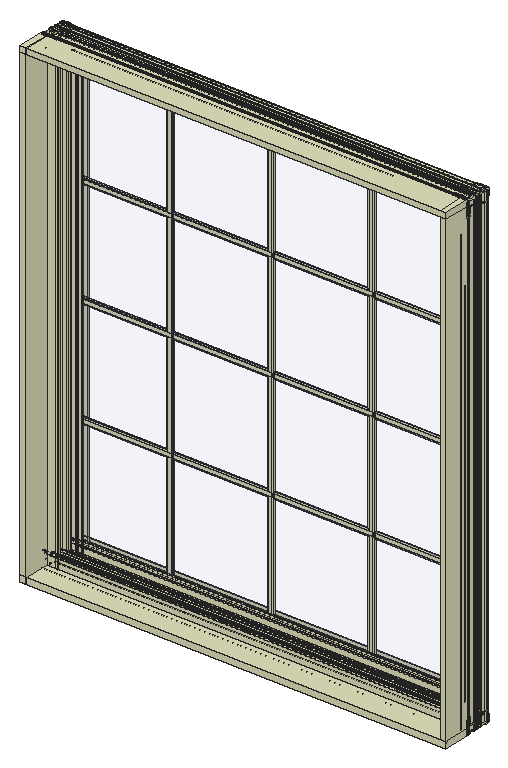
Revit family (continued)
Forms (in)
  Sweep 9, solid, material "Pella-Exterior Clad-Tan" <- "Exterior Finish"
    profile origin (-22.5, 2.95276, 58.45893) x (0, -1, 0) y (1, 0, 0)
      loop
        line (0.16015, 1.12012) -> (0.16015, 0.26375)
        arc (0.16015, 0.26375) -> (0.18948, 0.19295) -> (0.26028, 0.16363) r 0.10012
        line (0.26028, 0.16363) -> (0.99538, 0.16363) -> (1.0263, 0.13271) -> (1.08838, 0.13271)
        arc (1.08838, 0.13271) -> (1.10252, 0.13857) -> (1.10838, 0.15271) r 0.02
        line (1.10838, 0.15271) -> (1.10838, 1.14033)
        arc (1.10838, 1.14033) -> (1.10009, 1.19354) -> (1.07602, 1.24171) r 0.175
      loop
        arc (0.36369, 0.8973) -> (0.33081, 0.87685) -> (0.29275, 0.86971) r 0.105
        line (0.29275, 0.86971) -> (0.26038, 0.86971)
        arc (0.26038, 0.86971) -> (0.22856, 0.85653) -> (0.21538, 0.82471) r 0.045
        line (0.21538, 0.82471) -> (0.21538, 0.26371)
        arc (0.21538, 0.26371) -> (0.22856, 0.23189) -> (0.26038, 0.21871) r 0.045
        line (0.26038, 0.21871) -> (1.00838, 0.21871)
        arc (1.00838, 0.21871) -> (1.0402, 0.23189) -> (1.05338, 0.26371) r 0.045
        line (1.05338, 0.26371) -> (1.05338, 1.10471)
        arc (1.05338, 1.10471) -> (1.0402, 1.13653) -> (1.00838, 1.14971) r 0.045
        line (1.00838, 1.14971) -> (0.4547, 1.14971)
        arc (0.4547, 1.14971) -> (0.4243, 1.13789) -> (0.40987, 1.10863) r 0.045
        line (0.40987, 1.10863) -> (0.39736, 0.96556)
        arc (0.39736, 0.96556) -> (0.38693, 0.92827) -> (0.36369, 0.8973) r 0.105
  Sweep 10, solid, material "Pella-Exterior Clad-Tan" <- "Exterior Finish"
    path origin (0, 2.95276, 0) x (1, 0, 0) y (0, 0, 1)
      loop
        line (22.5, 32.75) -> (-22.5, 32.75)
    profile origin (0, 2.95276, 32.75) x (0, 0, -1) y (0, -1, 0)
      loop
        arc (-1.16584, 0.22529) -> (-1.1383, 0.24955) -> (-1.10836, 0.22831) r 0.02957
        line (-1.10836, 0.22831) -> (-0.96796, 0.29378)
        arc (-0.96796, 0.29378) -> (-0.95487, 0.32512) -> (-0.98486, 0.34107) r 0.02522
        line (-0.98486, 0.34107) -> (-1.0968, 0.28886)
        arc (-1.0968, 0.28886) -> (-1.17828, 0.28791) -> (-1.21625, 0.21581) r 0.07961
        line (-1.21625, 0.21581) -> (-1.71765, 0.21581)
        arc (-1.71765, 0.21581) -> (-1.73793, 0.23008) -> (-1.76245, 0.23373) r 0.05376
        arc (-1.76245, 0.23373) -> (-1.77651, 0.22791) -> (-1.78234, 0.21384) r 0.01989
        arc (-1.78234, 0.21384) -> (-1.77787, 0.18303) -> (-1.75189, 0.16586) r 0.03806
        line (-1.75189, 0.16586) -> (-1.23505, 0.16586)
        arc (-1.23505, 0.16586) -> (-1.18944, 0.18275) -> (-1.16584, 0.22529) r 0.07001
  Sweep 11, solid, material "Pella-Exterior Clad-Tan" <- "Exterior Finish"
    path origin (0, 2.95276, 0) x (1, 0, 0) y (0, 0, 1)
      loop
        line (22.5, 83.75) -> (-22.5, 83.75)
    profile origin (0, 2.95276, 83.75) x (0, 0, -1) y (0, -1, 0)
      loop
        arc (1.16584, 0.22529) -> (1.18944, 0.18275) -> (1.23505, 0.16586) r 0.07001
        line (1.23505, 0.16586) -> (1.75189, 0.16586)
        arc (1.75189, 0.16586) -> (1.77787, 0.18303) -> (1.78234, 0.21384) r 0.03806
        arc (1.78234, 0.21384) -> (1.77651, 0.22791) -> (1.76245, 0.23373) r 0.01989
        arc (1.76245, 0.23373) -> (1.73793, 0.23008) -> (1.71765, 0.21581) r 0.05376
        line (1.71765, 0.21581) -> (1.21625, 0.21581)
        arc (1.21625, 0.21581) -> (1.17828, 0.28791) -> (1.0968, 0.28886) r 0.07961
        line (1.0968, 0.28886) -> (0.98486, 0.34107)
        arc (0.98486, 0.34107) -> (0.95487, 0.32512) -> (0.96796, 0.29378) r 0.02522
        line (0.96796, 0.29378) -> (1.10836, 0.22831)
        arc (1.10836, 0.22831) -> (1.1383, 0.24955) -> (1.16584, 0.22529) r 0.02957
  Sweep 12, solid, material "Pella-Exterior Clad-Tan" <- "Exterior Finish"
    path origin (0, 2.95276, 0) x (1, 0, 0) y (0, 0, 1)
      loop
        line (22.5, 83.75) -> (22.5, 32.75)
    profile origin (22.5, 2.95276, 58.25) x (0, -1, 0) y (1, 0, 0)
      loop
        arc (0.22529, -1.16584) -> (0.18275, -1.18944) -> (0.16586, -1.23505) r 0.07001
        line (0.16586, -1.23505) -> (0.16586, -1.75189)
        arc (0.16586, -1.75189) -> (0.18303, -1.77787) -> (0.21384, -1.78234) r 0.03806
        arc (0.21384, -1.78234) -> (0.22791, -1.77651) -> (0.23373, -1.76245) r 0.01989
        arc (0.23373, -1.76245) -> (0.23008, -1.73793) -> (0.21581, -1.71765) r 0.05376
        line (0.21581, -1.71765) -> (0.21581, -1.21625)
        arc (0.21581, -1.21625) -> (0.28791, -1.17828) -> (0.28886, -1.0968) r 0.07961
        line (0.28886, -1.0968) -> (0.34107, -0.98486)
        arc (0.34107, -0.98486) -> (0.32512, -0.95487) -> (0.29378, -0.96796) r 0.02522
        line (0.29378, -0.96796) -> (0.22831, -1.10836)
        arc (0.22831, -1.10836) -> (0.24955, -1.1383) -> (0.22529, -1.16584) r 0.02957
  Sweep 13, solid, material "Pella-Exterior Clad-Tan" <- "Exterior Finish"
    path origin (0, 2.95276, 0) x (1, 0, 0) y (0, 0, 1)
      loop
        line (-22.5, 32.75) -> (-22.5, 83.75)
    profile origin (-22.5, 2.95276, 58.25) x (-1, 0, 0) y (0, -1, 0)
      loop
        arc (-1.16584, 0.22529) -> (-1.1383, 0.24955) -> (-1.10836, 0.22831) r 0.02957
        line (-1.10836, 0.22831) -> (-0.96796, 0.29378)
        arc (-0.96796, 0.29378) -> (-0.95487, 0.32512) -> (-0.98486, 0.34107) r 0.02522
        line (-0.98486, 0.34107) -> (-1.0968, 0.28886)
        arc (-1.0968, 0.28886) -> (-1.17828, 0.28791) -> (-1.21625, 0.21581) r 0.07961
        line (-1.21625, 0.21581) -> (-1.71765, 0.21581)
        arc (-1.71765, 0.21581) -> (-1.73793, 0.23008) -> (-1.76245, 0.23373) r 0.05376
        arc (-1.76245, 0.23373) -> (-1.77651, 0.22791) -> (-1.78234, 0.21384) r 0.01989
        arc (-1.78234, 0.21384) -> (-1.77787, 0.18303) -> (-1.75189, 0.16586) r 0.03806
        line (-1.75189, 0.16586) -> (-1.23505, 0.16586)
        arc (-1.23505, 0.16586) -> (-1.18944, 0.18275) -> (-1.16584, 0.22529) r 0.07001
  Sweep 14, solid, material "Pella-Exterior Clad-Tan" <- "Interior Finish"
    path origin (0, 2.95276, 0) x (1, 0, 0) y (0, 0, 1)
      loop
        line (23.75, 85) -> (23.75, 31.5)
    profile origin (23.75, 2.95276, 58.25) x (0, -1, 0) y (1, 0, 0)
      loop
        line (2.99998, 0) -> (2.99998, -0.625) -> (5.90551, -0.625) -> (5.90551, 0) -> (2.99998, 0)
  Sweep 15, solid, material "Pella-Exterior Clad-Tan" <- "Interior Finish"
    path origin (0, 2.95276, 0) x (1, 0, 0) y (0, 0, 1)
      loop
        line (-23.75, 85) -> (-23.75, 31.5)
    profile origin (-23.75, 2.95276, 58.25) x (0, -1, 0) y (1, 0, 0)
      loop
        line (2.99998, 0) -> (5.90551, 0) -> (5.90551, 0.625) -> (2.99998, 0.625) -> (2.99998, 0)
  Sweep 16, solid, material "Pella-Exterior Clad-Tan" <- "Interior Finish"
    path origin (0, 2.95276, 0) x (1, 0, 0) y (0, 0, 1)
      loop
        line (23.75, 31.5) -> (-23.75, 31.5)
    profile origin (0, 2.95276, 31.5) x (0, 0, -1) y (0, -1, 0)
      loop
        line (0, 2.99998) -> (0, 5.90551) -> (-0.625, 5.90551) -> (-0.625, 2.99998) -> (0, 2.99998)
  Sweep 17, solid, material "Pella-Exterior Clad-Tan" <- "Interior Finish"
    path origin (0, 2.95276, 0) x (1, 0, 0) y (0, 0, 1)
      loop
        line (23.75, 85) -> (-23.75, 85)
    profile origin (0, 2.95276, 85) x (0, 0, -1) y (0, -1, 0)
      loop
        line (0, 2.99998) -> (0.625, 2.99998) -> (0.625, 5.90551) -> (0, 5.90551) -> (0, 2.99998)
  Extrusion 18, solid, material "Pella-Argon Filled, Low-E Insulating Glass" <- "Glazing Type"
    sketch origin (0, 2.7192, 0) x (0, 0, -1) y (1, 0, 0)
      loop
        line (-82.45155, 21.20155) -> (-82.45155, -21.20155) -> (-34.04845, -21.20155) -> (-34.04845, 21.20155) -> (-82.45155, 21.20155)
    from 0 to 0.11811
  Extrusion 19, solid, material "Pella-Argon Filled, Low-E Insulating Glass" <- "Glazing Type"
    sketch origin (0, 2.00526, 0) x (0, 0, -1) y (1, 0, 0)
      loop
        line (-34.04845, -21.20155) -> (-34.04845, 21.20155) -> (-82.45155, 21.20155) -> (-82.45155, -21.20155) -> (-34.04845, -21.20155)
    from 0 to -0.11811
  Sweep 20, solid, material "Pella-Exterior Clad-Tan" <- "Grille Finish", visible <- "Vertical Mullion 3"
    path origin (0, 2.95276, 0) x (1, 0, 0) y (0, 0, 1)
      loop
        line (0, 82.53029) -> (0, 33.96971)
    profile origin (0, 2.95276, 58.25) x (0, -1, 0) y (1, 0, 0)
      loop
        line (0.65942, -11.625) -> (0.67625, -11.46555) -> (0.70864, -11.44685) -> (0.70864, -11.05315) -> (0.67625, -11.03445) -> (0.65942, -10.875) -> (0.52163, -10.875) -> (0.50481, -11.03445) -> (0.47242, -11.05315) -> (0.47242, -11.44685) -> (0.50481, -11.46555) -> (0.52163, -11.625) -> (0.65942, -11.625)
      loop
        line (0.65942, 10.875) -> (0.67625, 11.03445) -> (0.70864, 11.05315) -> (0.70864, 11.44685) -> (0.67625, 11.46555) -> (0.65942, 11.625) -> (0.52163, 11.625) -> (0.50481, 11.46555) -> (0.47242, 11.44685) -> (0.47242, 11.05315) -> (0.50481, 11.03445) -> (0.52163, 10.875) -> (0.65942, 10.875)
      loop
        line (0.65942, -0.375) -> (0.67625, -0.21555) -> (0.70864, -0.19685) -> (0.70864, 0.19685) -> (0.67625, 0.21555) -> (0.65942, 0.375) -> (0.52163, 0.375) -> (0.50481, 0.21555) -> (0.47242, 0.19685) -> (0.47242, -0.19685) -> (0.50481, -0.21555) -> (0.52163, -0.375) -> (0.65942, -0.375)
  Sweep 21, solid, material "Pella-Exterior Clad-Tan" <- "Grille Finish", visible <- "Vertical Mullion 4"
    path origin (0, 2.95276, 0) x (1, 0, 0) y (0, 0, 1)
      loop
        line (0, 33.96971) -> (0, 82.53029)
    profile origin (0, 2.95276, 58.25) x (-1, 0, 0) y (0, -1, 0)
      loop
        line (13.875, 0.65942) -> (13.71555, 0.67625) -> (13.69685, 0.70864) -> (13.30315, 0.70864) -> (13.28445, 0.67625) -> (13.125, 0.65942) -> (13.125, 0.52163) -> (13.28445, 0.50481) -> (13.30315, 0.47242) -> (13.69685, 0.47242) -> (13.71555, 0.50481) -> (13.875, 0.52163) -> (13.875, 0.65942)
      loop
        line (4.875, 0.65942) -> (4.71555, 0.67625) -> (4.69685, 0.70864) -> (4.30315, 0.70864) -> (4.28445, 0.67625) -> (4.125, 0.65942) -> (4.125, 0.52163) -> (4.28445, 0.50481) -> (4.30315, 0.47242) -> (4.69685, 0.47242) -> (4.71555, 0.50481) -> (4.875, 0.52163) -> (4.875, 0.65942)
      loop
        line (-4.125, 0.65942) -> (-4.28445, 0.67625) -> (-4.30315, 0.70864) -> (-4.69685, 0.70864) -> (-4.71555, 0.67625) -> (-4.875, 0.65942) -> (-4.875, 0.52163) -> (-4.71555, 0.50481) -> (-4.69685, 0.47242) -> (-4.30315, 0.47242) -> (-4.28445, 0.50481) -> (-4.125, 0.52163) -> (-4.125, 0.65942)
      loop
        line (-13.125, 0.65942) -> (-13.28445, 0.67625) -> (-13.30315, 0.70864) -> (-13.69685, 0.70864) -> (-13.71555, 0.67625) -> (-13.875, 0.65942) -> (-13.875, 0.52163) -> (-13.71555, 0.50481) -> (-13.69685, 0.47242) -> (-13.30315, 0.47242) -> (-13.28445, 0.50481) -> (-13.125, 0.52163) -> (-13.125, 0.65942)
  Sweep 22, solid, material "Pella-Exterior Clad-Tan" <- "Grille Finish", visible <- "Vertical Mullion 5"
    path origin (0, 2.95276, 0) x (1, 0, 0) y (0, 0, 1)
      loop
        line (0, 82.53029) -> (0, 33.96971)
    profile origin (0, 2.95276, 58.25) x (0, -1, 0) y (1, 0, 0)
      loop
        line (0.65942, -15.375) -> (0.67625, -15.21555) -> (0.70864, -15.19685) -> (0.70864, -14.80315) -> (0.67625, -14.78445) -> (0.65942, -14.625) -> (0.52163, -14.625) -> (0.50481, -14.78445) -> (0.47242, -14.80315) -> (0.47242, -15.19685) -> (0.50481, -15.21555) -> (0.52163, -15.375) -> (0.65942, -15.375)
      loop
        line (0.65942, -7.875) -> (0.67625, -7.71555) -> (0.70864, -7.69685) -> (0.70864, -7.30315) -> (0.67625, -7.28445) -> (0.65942, -7.125) -> (0.52163, -7.125) -> (0.50481, -7.28445) -> (0.47242, -7.30315) -> (0.47242, -7.69685) -> (0.50481, -7.71555) -> (0.52163, -7.875) -> (0.65942, -7.875)
      loop
        line (0.65942, -0.375) -> (0.67625, -0.21555) -> (0.70864, -0.19685) -> (0.70864, 0.19685) -> (0.67625, 0.21555) -> (0.65942, 0.375) -> (0.52163, 0.375) -> (0.50481, 0.21555) -> (0.47242, 0.19685) -> (0.47242, -0.19685) -> (0.50481, -0.21555) -> (0.52163, -0.375) -> (0.65942, -0.375)
      loop
        line (0.65942, 7.125) -> (0.67625, 7.28445) -> (0.70864, 7.30315) -> (0.70864, 7.69685) -> (0.67625, 7.71555) -> (0.65942, 7.875) -> (0.52163, 7.875) -> (0.50481, 7.71555) -> (0.47242, 7.69685) -> (0.47242, 7.30315) -> (0.50481, 7.28445) -> (0.52163, 7.125) -> (0.65942, 7.125)
      loop
        line (0.65942, 14.625) -> (0.67625, 14.78445) -> (0.70864, 14.80315) -> (0.70864, 15.19685) -> (0.67625, 15.21555) -> (0.65942, 15.375) -> (0.52163, 15.375) -> (0.50481, 15.21555) -> (0.47242, 15.19685) -> (0.47242, 14.80315) -> (0.50481, 14.78445) -> (0.52163, 14.625) -> (0.65942, 14.625)
  Sweep 23, solid, material "Pella-Exterior Clad-Tan" <- "Grille Finish", visible <- "Horizontal Mullion 1"
    path origin (0, 2.95276, 0) x (1, 0, 0) y (0, 0, 1)
      loop
        line (21.28029, 58.25) -> (-21.28029, 58.25)
    profile origin (0, 2.95276, 58.25) x (0, 0, -1) y (0, -1, 0)
      loop
        line (0.375, 0.52163) -> (0.375, 0.65942) -> (0.21555, 0.67625) -> (0.19685, 0.70864) -> (-0.19685, 0.70864) -> (-0.21555, 0.67625) -> (-0.375, 0.65942) -> (-0.375, 0.52163) -> (-0.21555, 0.50481) -> (-0.19685, 0.47242) -> (0.19685, 0.47242) -> (0.21555, 0.50481) -> (0.375, 0.52163)
  Sweep 24, solid, material "Pella-Exterior Clad-Tan" <- "Grille Finish", visible <- "Horizontal Mullion 2"
    path origin (0, 2.95276, 0) x (1, 0, 0) y (0, 0, 1)
      loop
        line (21.28029, 58.25) -> (-21.28029, 58.25)
    profile origin (0, 2.95276, 58.25) x (0, 0, -1) y (0, -1, 0)
      loop
        line (-7.6294, 0.52163) -> (-7.6294, 0.65942) -> (-7.78885, 0.67625) -> (-7.80755, 0.70864) -> (-8.20125, 0.70864) -> (-8.21995, 0.67625) -> (-8.3794, 0.65942) -> (-8.3794, 0.52163) -> (-8.21995, 0.50481) -> (-8.20125, 0.47242) -> (-7.80755, 0.47242) -> (-7.78885, 0.50481) -> (-7.6294, 0.52163)
      loop
        line (8.3794, 0.52163) -> (8.3794, 0.65942) -> (8.21995, 0.67625) -> (8.20125, 0.70864) -> (7.80755, 0.70864) -> (7.78885, 0.67625) -> (7.6294, 0.65942) -> (7.6294, 0.52163) -> (7.78885, 0.50481) -> (7.80755, 0.47242) -> (8.20125, 0.47242) -> (8.21995, 0.50481) -> (8.3794, 0.52163)
  Sweep 25, solid, material "Pella-Exterior Clad-Tan" <- "Grille Finish", visible <- "Horizontal Mullion 3"
    path origin (0, 2.95276, 0) x (1, 0, 0) y (0, 0, 1)
      loop
        line (21.28029, 58.25) -> (-21.28029, 58.25)
    profile origin (0, 2.95276, 58.25) x (0, 0, -1) y (0, -1, 0)
      loop
        line (0.375, 0.52163) -> (0.375, 0.65942) -> (0.21555, 0.67625) -> (0.19685, 0.70864) -> (-0.19685, 0.70864) -> (-0.21555, 0.67625) -> (-0.375, 0.65942) -> (-0.375, 0.52163) -> (-0.21555, 0.50481) -> (-0.19685, 0.47242) -> (0.19685, 0.47242) -> (0.21555, 0.50481) -> (0.375, 0.52163)
      loop
        line (-11.6316, 0.52163) -> (-11.6316, 0.65942) -> (-11.79105, 0.67625) -> (-11.80975, 0.70864) -> (-12.20345, 0.70864) -> (-12.22215, 0.67625) -> (-12.3816, 0.65942) -> (-12.3816, 0.52163) -> (-12.22215, 0.50481) -> (-12.20345, 0.47242) -> (-11.80975, 0.47242) -> (-11.79105, 0.50481) -> (-11.6316, 0.52163)
      loop
        line (12.3816, 0.52163) -> (12.3816, 0.65942) -> (12.22215, 0.67625) -> (12.20345, 0.70864) -> (11.80975, 0.70864) -> (11.79105, 0.67625) -> (11.6316, 0.65942) -> (11.6316, 0.52163) -> (11.79105, 0.50481) -> (11.80975, 0.47242) -> (12.20345, 0.47242) -> (12.22215, 0.50481) -> (12.3816, 0.52163)
  Sweep 26, solid, material "Pella-Exterior Clad-Tan" <- "Grille Finish", visible <- "Horizontal Mullion 4"
    path origin (0, 2.95276, 0) x (1, 0, 0) y (0, 0, 1)
      loop
        line (-21.28029, 58.25) -> (21.28029, 58.25)
    profile origin (0, 2.95276, 58.25) x (0, 0, 1) y (0, -1, 0)
      loop
        line (14.03292, 0.52163) -> (14.19237, 0.50481) -> (14.21107, 0.47242) -> (14.60477, 0.47242) -> (14.62347, 0.50481) -> (14.78292, 0.52163) -> (14.78292, 0.65942) -> (14.62347, 0.67625) -> (14.60477, 0.70864) -> (14.21107, 0.70864) -> (14.19237, 0.67625) -> (14.03292, 0.65942) -> (14.03292, 0.52163)
      loop
        line (4.42764, 0.52163) -> (4.58709, 0.50481) -> (4.60579, 0.47242) -> (4.99949, 0.47242) -> (5.01819, 0.50481) -> (5.17764, 0.52163) -> (5.17764, 0.65942) -> (5.01819, 0.67625) -> (4.99949, 0.70864) -> (4.60579, 0.70864) -> (4.58709, 0.67625) -> (4.42764, 0.65942) -> (4.42764, 0.52163)
      loop
        line (-5.17764, 0.52163) -> (-5.01819, 0.50481) -> (-4.99949, 0.47242) -> (-4.60579, 0.47242) -> (-4.58709, 0.50481) -> (-4.42764, 0.52163) -> (-4.42764, 0.65942) -> (-4.58709, 0.67625) -> (-4.60579, 0.70864) -> (-4.99949, 0.70864) -> (-5.01819, 0.67625) -> (-5.17764, 0.65942) -> (-5.17764, 0.52163)
      loop
        line (-14.78292, 0.52163) -> (-14.62347, 0.50481) -> (-14.60477, 0.47242) -> (-14.21107, 0.47242) -> (-14.19237, 0.50481) -> (-14.03292, 0.52163) -> (-14.03292, 0.65942) -> (-14.19237, 0.67625) -> (-14.21107, 0.70864) -> (-14.60477, 0.70864) -> (-14.62347, 0.67625) -> (-14.78292, 0.65942) -> (-14.78292, 0.52163)
  Sweep 27, solid, material "Pella-Exterior Clad-Tan" <- "Grille Finish", visible <- "Prairie Grille"
    path origin (0, 2.95276, 0) x (1, 0, 0) y (0, 0, 1)
      loop
        line (0, 33.96971) -> (0, 82.53029)
    profile origin (0, 2.95276, 58.25) x (-1, 0, 0) y (0, -1, 0)
      loop
        line (18.45571, 0.65942) -> (18.29626, 0.67625) -> (18.27756, 0.70864) -> (17.88386, 0.70864) -> (17.86516, 0.67625) -> (17.70571, 0.65942) -> (17.70571, 0.52163) -> (17.86516, 0.50481) -> (17.88386, 0.47242) -> (18.27756, 0.47242) -> (18.29626, 0.50481) -> (18.45571, 0.52163) -> (18.45571, 0.65942)
      loop
        line (-17.70571, 0.65942) -> (-17.86516, 0.67625) -> (-17.88386, 0.70864) -> (-18.27756, 0.70864) -> (-18.29626, 0.67625) -> (-18.45571, 0.65942) -> (-18.45571, 0.52163) -> (-18.29626, 0.50481) -> (-18.27756, 0.47242) -> (-17.88386, 0.47242) -> (-17.86516, 0.50481) -> (-17.70571, 0.52163) -> (-17.70571, 0.65942)
  Sweep 28, solid, material "Pella-Exterior Clad-Tan" <- "Grille Finish", visible <- "Prairie Grille"
    path origin (0, 2.95276, 0) x (1, 0, 0) y (0, 0, 1)
      loop
        line (21.28029, 58.25) -> (-21.28029, 58.25)
    profile origin (0, 2.95276, 58.25) x (0, 0, -1) y (0, -1, 0)
      loop
        line (-21.53804, 0.52163) -> (-21.37859, 0.50481) -> (-21.35989, 0.47242) -> (-20.96619, 0.47242) -> (-20.94749, 0.50481) -> (-20.78804, 0.52163) -> (-20.78804, 0.65942) -> (-20.94749, 0.67625) -> (-20.96619, 0.70864) -> (-21.35989, 0.70864) -> (-21.37859, 0.67625) -> (-21.53804, 0.65942) -> (-21.53804, 0.52163)
  Sweep 29, solid, material "Pella-Exterior Clad-Tan" <- "Grille Finish", visible <- "Prairie Grille"
    path origin (0, 2.95276, 0) x (1, 0, 0) y (0, 0, 1)
      loop
        line (21.28029, 58.25) -> (-21.28029, 58.25)
    profile origin (0, 2.95276, 58.25) x (0, 0, -1) y (0, -1, 0)
      loop
        line (21.53804, 0.52163) -> (21.53804, 0.65942) -> (21.37859, 0.67625) -> (21.35989, 0.70864) -> (20.96619, 0.70864) -> (20.94749, 0.67625) -> (20.78804, 0.65942) -> (20.78804, 0.52163) -> (20.94749, 0.50481) -> (20.96619, 0.47242) -> (21.35989, 0.47242) -> (21.37859, 0.50481) -> (21.53804, 0.52163)
Lines and regions (in)
  Opening 1
    outline origin (137.79528, -2.95276, 0) x (1, 0, 0) y (0, 0, 1)
      loop
        line (-114.04528, 31.5) -> (-114.04528, 85) -> (-161.54528, 85) -> (-161.54528, 31.5) -> (-114.04528, 31.5)
Text (in)
  text "EXTERIOR" at (-77.29147, 52.45485, 0), in view "Ref. Level"
  text "INTERIOR" at (-78.01048, -32.21994, 0), in view "Ref. Level"
  text "Exterior" at (0, 36.36817, 115.8778), in view "Right"
  text "Exterior" at (0, 40.96394, 105.72475), in view "Left"
Dimensions and locks (in)
  equal spacing: plane 3 "Left", plane 2 "Center (Left/Right)", plane 4 "Right"
  "Width": plane 3 "Left" to plane 4 "Right"
  "Height": plane 5 "Sill" to plane 6 "Head"
  "Default Sill Height": plane 5 "Sill" to level
  locked: plane 7 "Exterior" to host wall at 0
  locked: plane 8 "Interior" to host wall
  "Set Back": plane 10 "Set Back" to plane 9 "Exterior Facade"
  equal spacing: plane 11 "Left Sash", plane 2 "Center (Left/Right)", plane 12 "Right Sash"
  "Sash Width": plane 11 "Left Sash" to plane 12 "Right Sash"
  plane 11 "Left Sash" to plane 13 "Interior Left" to plane 27 = 0' - 1.4868" locked, 0' - 0.30189" locked
  plane 26 to plane 14 "Interior Right" to plane 12 "Right Sash" = 0' - 0.30189" locked, 0' - 1.4868" locked
  locked: plane 15 "Head (Interior)" to plane 17 "Head-Interior" at 1.4868
  locked: plane 18 "Sill-Interior" to plane 16 "Sill (Interior)" at 1.4868
  locked: plane 7 "Exterior" to plane 9 "Exterior Facade" at 1.3125
  locked: plane 6 "Head" to plane 15 "Head (Interior)" at 1.25
  locked: plane 16 "Sill (Interior)" to plane 5 "Sill" at 1.25
  equal spacing: plane 17 "Head-Interior", plane 19, plane 18 "Sill-Interior"
  locked: plane 20 "Glazing Exterior - Exterior" to plane 21 "Glazing Exterior - Interior" at 0.11811
  locked: plane 23 "Glazing Interior - Interior" to plane 22 "Glazing Interior - Exterior" at 0.11811
  locked: plane 25 "2nd Glazing Sill" to plane 18 "Sill-Interior" at 0.30189
  locked: plane 17 "Head-Interior" to plane 24 "2nd Glazing Head" at 0.30189
  plane 33 to plane 32 to plane 31 to plane 28 to plane 29 to plane 30 to plane 4 "Right" = 0' - 0.07" locked, 0' - 0.28" locked, 0' - 0.651" locked, 0' - 0.05508" locked, 0' - 0.03092" locked, 0' - 1.38271" locked
  plane 3 "Left" to plane 36 to plane 35 to plane 34 to plane 37 to plane 38 to plane 39 = 0' - 1.38271" locked, 0' - 0.03092" locked, 0' - 0.05508" locked, 0' - 0.651" locked, 0' - 0.28" locked, 0' - 0.07" locked
  locked: plane 3 "Left" to plane 40 at 3.03234
  locked: plane 41 to plane 4 "Right" at 3.03234
  locked: plane 42 to plane 4 "Right" at 0.625
  locked: plane 43 to plane 10 "Set Back" at 2.99998
  locked: plane 3 "Left" to plane 44 at 0.625
  locked: plane 10 "Set Back" to plane 45 at 2.99998
  locked: plane 5 "Sill" to plane 46 at 0.625
  locked: plane 10 "Set Back" to plane 47 at 2.99998
  locked: plane 10 "Set Back" to plane 48 at 2.99998
  locked: plane 49 to plane 6 "Head" at 0.625
  plane 10 "Set Back" to plane 20 "Glazing Exterior - Exterior" to plane 22 "Glazing Interior - Exterior" = 0' - 0.23356" locked, 0' - 0.71394" locked
  locked: plane 53 to plane 4 "Right" at 2.54845
  locked: plane 3 "Left" to plane 52 at 2.54845
  locked: plane 5 "Sill" to plane 50 at 2.54845
  locked: plane 51 to plane 6 "Head" at 2.54845
  locked: plane 55 to plane 4 "Right" at 2.54845
  locked: plane 3 "Left" to plane 54 at 2.54845
  locked: plane 57 to plane 6 "Head" at 2.54845
  locked: plane 5 "Sill" to plane 56 at 2.54845
  locked: plane 6 "Head" to plane 58 at 2.46971
  locked: plane 59 to plane 5 "Sill" at 2.46971
  locked: plane 3 "Left" to plane 60 at 2.46971
  locked: plane 61 to plane 4 "Right" at 2.46971
  equal spacing: plane 60, plane 62, plane 63, plane 61
  equal spacing: plane 11 "Left Sash", plane 64, plane 65, plane 66, plane 12 "Right Sash"
  plane 68 to plane 64 to plane 67 = 0' - 0 3/8" locked, 0' - 0 3/8" locked
  plane 70 to plane 66 to plane 69 = 0' - 0 3/8" locked, 0' - 0 3/8" locked
  plane 72 to plane 65 to plane 71 = 0' - 0 3/8" locked, 0' - 0 3/8" locked
  equal spacing: plane 11 "Left Sash", plane 73, plane 74, plane 75, plane 76, plane 12 "Right Sash"
  plane 80 to plane 74 to plane 79 = 0' - 0 3/8" locked, 0' - 0 3/8" locked
  plane 82 to plane 75 to plane 81 = 0' - 0 3/8" locked, 0' - 0 3/8" locked
  plane 84 to plane 76 to plane 83 = 0' - 0 3/8" locked, 0' - 0 3/8" locked
  plane 78 to plane 73 to plane 77 = 0' - 0 3/8" locked, 0' - 0 3/8" locked
  equal spacing: plane 11 "Left Sash", plane 85, plane 86, plane 87, plane 88, plane 89, plane 12 "Right Sash"
  plane 91 to plane 85 to plane 90 = 0' - 0 3/8" locked, 0' - 0 3/8" locked
  plane 93 to plane 86 to plane 92 = 0' - 0 3/8" locked, 0' - 0 3/8" locked
  plane 95 to plane 87 to plane 94 = 0' - 0 3/8" locked, 0' - 0 3/8" locked
  plane 97 to plane 88 to plane 96 = 0' - 0 3/8" locked, 0' - 0 3/8" locked
  plane 99 to plane 89 to plane 98 = 0' - 0 3/8" locked, 0' - 0 3/8" locked
  plane 101 to plane 19 to plane 100 = 0' - 0 3/8" locked, 0' - 0 3/8" locked
  equal spacing: plane 17 "Head-Interior", plane 103, plane 102, plane 18 "Sill-Interior"
  plane 105 to plane 103 to plane 104 = 0' - 0 3/8" locked, 0' - 0 3/8" locked
  plane 107 to plane 102 to plane 106 = 0' - 0 3/8" locked, 0' - 0 3/8" locked
  equal spacing: plane 17 "Head-Interior", plane 110, plane 109, plane 108, plane 18 "Sill-Interior"
  plane 114 to plane 110 to plane 113 = 0' - 0 3/8" locked, 0' - 0 3/8" locked
  plane 112 to plane 109 to plane 111 = 0' - 0 3/8" locked, 0' - 0 3/8" locked
  plane 116 to plane 108 to plane 115 = 0' - 0 3/8" locked, 0' - 0 3/8" locked
  equal spacing: plane 17 "Head-Interior", plane 120, plane 119, plane 118, plane 117, plane 18 "Sill-Interior"
  plane 128 to plane 117 to plane 127 = 0' - 0 3/8" locked, 0' - 0 3/8" locked
  plane 126 to plane 118 to plane 125 = 0' - 0 3/8" locked, 0' - 0 3/8" locked
  plane 124 to plane 119 to plane 123 = 0' - 0 3/8" locked, 0' - 0 3/8" locked
  plane 122 to plane 120 to plane 121 = 0' - 0 3/8" locked, 0' - 0 3/8" locked
  plane 3 "Left" to plane 130 to plane 129 = 0' - 5.29429" locked, 0' - 0 3/4" locked
  plane 132 to plane 131 to plane 4 "Right" = 0' - 0 3/4" locked, 0' - 5.29429" locked
  plane 15 "Head (Interior)" to plane 134 to plane 133 = 0' - 3.96196" locked, 0' - 0 3/4" locked
  plane 16 "Sill (Interior)" to plane 136 to plane 135 = 0' - 3.96196" locked, 0' - 0 3/4" locked
  aligned and locked: plane 3 "Left" to Sweep 1 sketch curve
  aligned and locked: plane 4 "Right" to Sweep 2 sketch curve
  aligned and locked: plane 6 "Head" to Sweep 3 sketch curve
  aligned and locked: plane 5 "Sill" to Sweep 4 sketch curve
  aligned and locked: plane 5 "Sill" to Sweep 5 sketch curve
  aligned and locked: plane 16 "Sill (Interior)" to Sweep 6 sketch curve
  aligned and locked: plane 15 "Head (Interior)" to Sweep 7 sketch curve
  aligned and locked: Sweep 8 sketch curve to plane 12 "Right Sash"
  aligned and locked: plane 30 to Sweep 8 sketch curve
  aligned and locked: plane 29 to Sweep 8 sketch curve
  aligned and locked: plane 28 to Sweep 8 sketch curve
  aligned and locked: plane 31 to Sweep 8 sketch curve
  aligned and locked: plane 32 to Sweep 8 sketch curve
  aligned and locked: plane 33 to Sweep 8 sketch curve
  aligned and locked: Sweep 9 sketch curve to plane 11 "Left Sash"
  aligned and locked: Sweep 9 sketch curve to plane 36
  aligned and locked: Sweep 9 sketch curve to plane 35
  aligned and locked: plane 34 to Sweep 9 sketch curve
  aligned and locked: plane 37 to Sweep 9 sketch curve
  aligned and locked: Sweep 9 sketch curve to plane 38
  aligned and locked: plane 39 to Sweep 9 sketch curve
  aligned and locked: plane 16 "Sill (Interior)" to Sweep 10 sketch curve
  aligned and locked: plane 15 "Head (Interior)" to Sweep 11 sketch curve
  aligned and locked: Sweep 12 sketch curve to plane 12 "Right Sash"
  aligned and locked: plane 11 "Left Sash" to Sweep 13 sketch curve
  aligned and locked: plane 40 to Sweep 13 sketch curve
  aligned and locked: plane 41 to Sweep 12 sketch curve
  aligned and locked: Sweep 14 sketch curve to plane 4 "Right"
  aligned and locked: plane 42 to Sweep 14 sketch curve
  aligned and locked: plane 8 "Interior" to Sweep 14 sketch curve
  aligned and locked: plane 43 to Sweep 14 sketch curve
  aligned and locked: Sweep 15 sketch curve to plane 3 "Left"
  aligned and locked: plane 44 to Sweep 15 sketch curve
  aligned and locked: plane 45 to Sweep 15 sketch curve
  aligned and locked: Sweep 15 sketch curve to plane 8 "Interior"
  aligned and locked: plane 5 "Sill" to Sweep 16 sketch curve
  aligned and locked: plane 47 to Sweep 16 sketch curve
  aligned and locked: plane 8 "Interior" to Sweep 16 sketch curve
  aligned and locked: Sweep 16 sketch curve to plane 46
  aligned and locked: plane 6 "Head" to Sweep 17 sketch curve
  aligned and locked: Sweep 17 sketch curve to plane 49
  aligned and locked: plane 48 to Sweep 17 sketch curve
  aligned and locked: Sweep 17 sketch curve to plane 8 "Interior"
  aligned and locked: Extrusion 18 sketch curve to plane 53
  aligned and locked: Extrusion 18 sketch curve to plane 51
  aligned and locked: Extrusion 18 sketch curve to plane 52
  aligned and locked: Extrusion 18 sketch curve to plane 50
  aligned and locked: plane 21 "Glazing Exterior - Interior" to Extrusion 18
  aligned and locked: plane 55 to Extrusion 19 sketch curve
  aligned and locked: Extrusion 19 sketch curve to plane 57
  aligned and locked: Extrusion 19 sketch curve to plane 54
  aligned and locked: plane 56 to Extrusion 19 sketch curve
  aligned and locked: Extrusion 19 to plane 23 "Glazing Interior - Interior"
  aligned and locked: plane 12 "Right Sash" to Sweep 6 sketch curve
  aligned and locked: plane 11 "Left Sash" to Sweep 6 sketch curve
  aligned and locked: plane 12 "Right Sash" to Sweep 7 sketch curve
  aligned and locked: plane 11 "Left Sash" to Sweep 7 sketch curve
  aligned and locked: Sweep 20 sketch curve to plane 65
  aligned and locked: plane 68 to Sweep 20 sketch curve
  aligned and locked: plane 67 to Sweep 20 sketch curve
  aligned and locked: plane 70 to Sweep 20 sketch curve
  aligned and locked: plane 69 to Sweep 20 sketch curve
  aligned and locked: plane 72 to Sweep 20 sketch curve
  aligned and locked: plane 71 to Sweep 20 sketch curve
  aligned and locked: Sweep 21 sketch curve to plane 2 "Center (Left/Right)"
  aligned and locked: plane 78 to Sweep 21 sketch curve
  aligned and locked: plane 77 to Sweep 21 sketch curve
  aligned and locked: plane 80 to Sweep 21 sketch curve
  aligned and locked: plane 79 to Sweep 21 sketch curve
  aligned and locked: plane 82 to Sweep 21 sketch curve
  aligned and locked: plane 81 to Sweep 21 sketch curve
  aligned and locked: plane 84 to Sweep 21 sketch curve
  aligned and locked: plane 83 to Sweep 21 sketch curve
  aligned and locked: plane 2 "Center (Left/Right)" to Sweep 22 sketch curve
  aligned and locked: plane 91 to Sweep 22 sketch curve
  aligned and locked: plane 90 to Sweep 22 sketch curve
  aligned and locked: plane 93 to Sweep 22 sketch curve
  aligned and locked: plane 92 to Sweep 22 sketch curve
  aligned and locked: plane 95 to Sweep 22 sketch curve
  aligned and locked: plane 94 to Sweep 22 sketch curve
  aligned and locked: plane 97 to Sweep 22 sketch curve
  aligned and locked: plane 96 to Sweep 22 sketch curve
  aligned and locked: plane 99 to Sweep 22 sketch curve
  aligned and locked: plane 98 to Sweep 22 sketch curve
  aligned and locked: Sweep 23 sketch curve to plane 19
  aligned and locked: plane 101 to Sweep 23 sketch curve
  aligned and locked: plane 100 to Sweep 23 sketch curve
  aligned and locked: Sweep 24 sketch curve to plane 19
  aligned and locked: plane 105 to Sweep 24 sketch curve
  aligned and locked: plane 104 to Sweep 24 sketch curve
  aligned and locked: plane 107 to Sweep 24 sketch curve
  aligned and locked: plane 106 to Sweep 24 sketch curve
  aligned and locked: Sweep 25 sketch curve to plane 19
  aligned and locked: plane 112 to Sweep 25 sketch curve
  aligned and locked: plane 111 to Sweep 25 sketch curve
  aligned and locked: plane 114 to Sweep 25 sketch curve
  aligned and locked: plane 113 to Sweep 25 sketch curve
  aligned and locked: plane 116 to Sweep 25 sketch curve
  aligned and locked: plane 115 to Sweep 25 sketch curve
  aligned and locked: Sweep 26 sketch curve to plane 19
  aligned and locked: plane 122 to Sweep 26 sketch curve
  aligned and locked: plane 121 to Sweep 26 sketch curve
  aligned and locked: plane 124 to Sweep 26 sketch curve
  aligned and locked: plane 123 to Sweep 26 sketch curve
  aligned and locked: plane 126 to Sweep 26 sketch curve
  aligned and locked: plane 125 to Sweep 26 sketch curve
  aligned and locked: plane 128 to Sweep 26 sketch curve
  aligned and locked: plane 127 to Sweep 26 sketch curve
  aligned and locked: Sweep 27 sketch curve to plane 2 "Center (Left/Right)"
  aligned and locked: plane 130 to Sweep 27 sketch curve
  aligned and locked: plane 129 to Sweep 27 sketch curve
  aligned and locked: plane 132 to Sweep 27 sketch curve
  aligned and locked: plane 131 to Sweep 27 sketch curve
  aligned and locked: Sweep 28 sketch curve to plane 19
  aligned and locked: Sweep 28 sketch curve to plane 134
  aligned and locked: Sweep 28 sketch curve to plane 133
  aligned and locked: plane 136 to Sweep 29 sketch curve
  aligned and locked: plane 135 to Sweep 29 sketch curve
Automatic sketch dimensions
  Opening 1 sketch curve to plane 3 "Left" = 0' - 0"
  Opening 1 sketch curve to plane 4 "Right" = 0' - 0"
  Opening 1 sketch curve to plane 5 "Sill" = 0' - 0"
  Opening 1 sketch curve to plane 6 "Head" = 0' - 0"
  Sweep 1 sketch curve to plane 5 "Sill" = 0' - 0"
  Sweep 1 sketch curve to plane 6 "Head" = 0' - 0"
  Sweep 1 sketch curve to Sweep 1 sketch curve = 0' - 0"  (x34)
  Sweep 1 sketch curve to profile plane = 0' - 0"  (x3)
  profile plane to Sweep 1 sketch curve = 0' - 0.02"  (x2)
  profile plane to Sweep 1 sketch curve = 0' - 0.025"
  profile plane to Sweep 1 sketch curve = 0' - 0.03318"  (x2)
  profile plane to Sweep 1 sketch curve = 0' - 0.03511"
  Sweep 1 sketch curve to Sweep 1 sketch curve = 0' - 0.00597"
  profile plane to Sweep 1 sketch curve = 0' - 0.04108"
  profile plane to Sweep 1 sketch curve = 0' - 0.045"  (x2)
  Sweep 1 sketch curve to Sweep 1 sketch curve = 0' - 0.028"  (x3)
  profile plane to Sweep 1 sketch curve = 0' - 0.05"
  Sweep 1 sketch curve to Sweep 1 sketch curve = 0' - 0.05"  (x6)
  Sweep 1 sketch curve to Sweep 1 sketch curve = 0' - 0.002"  (x2)
  Sweep 1 sketch curve to Sweep 1 sketch curve = 0' - 0.004"  (x2)
  Sweep 1 sketch curve to Sweep 1 sketch curve = 0' - 0.03182"  (x2)
  Sweep 1 sketch curve to Sweep 1 sketch curve = 0' - 0.015"
  profile plane to Sweep 1 sketch curve = 0' - 0.095"  (x3)
  Sweep 1 sketch curve to Sweep 1 sketch curve = 0' - 0.045"  (x8)
  Sweep 1 sketch curve to Sweep 1 sketch curve = 0' - 0.06392"  (x2)
  Sweep 1 sketch curve to Sweep 1 sketch curve = 0' - 0 1/256"  (x2)
  profile plane to Sweep 1 sketch curve = 0' - 0.11339"
  Sweep 1 sketch curve to Sweep 1 sketch curve = 0' - 0.0185"
  Sweep 1 sketch curve to Sweep 1 sketch curve = 0' - 0.055"  (x2)
  Sweep 1 sketch curve to Sweep 1 sketch curve = 0' - 0.02"  (x5)
  Sweep 1 sketch curve to Sweep 1 sketch curve = 0' - 0.07"  (x5)
  Sweep 1 sketch curve to Sweep 1 sketch curve = 0' - 0.503"
  plane 10 "Set Back" to Sweep 1 sketch curve = 0' - 0.09498"
  Sweep 1 sketch curve to Sweep 1 sketch curve = 0' - 0.58061"
  Sweep 1 sketch curve to plane 10 "Set Back" = 0' - 0"
  Sweep 1 sketch curve to Sweep 1 sketch curve = 0' - 0.01918"
  Sweep 1 sketch curve to Sweep 1 sketch curve = 0' - 0.02428"
  Sweep 1 sketch curve to Sweep 1 sketch curve = 0' - 0.03661"  (x2)
  Sweep 1 sketch curve to Sweep 1 sketch curve = 0' - 0.04333"
  Sweep 1 sketch curve to Sweep 1 sketch curve = 0' - 0.08839"  (x2)
  Sweep 1 sketch curve to Sweep 1 sketch curve = 0' - 0.09745"
  Sweep 1 sketch curve to Sweep 1 sketch curve = 0' - 0.01654"  (x2)
  Sweep 1 sketch curve to Sweep 1 sketch curve = 0' - 0.02032"
  Sweep 1 sketch curve to Sweep 1 sketch curve = 0' - 0.02085"
  Sweep 1 sketch curve to Sweep 1 sketch curve = 0' - 0.0255"  (x2)
  Sweep 1 sketch curve to Sweep 1 sketch curve = 0' - 0.03292"  (x2)
  Sweep 1 sketch curve to Sweep 1 sketch curve = 0' - 0.00055"  (x2)
  Sweep 1 sketch curve to Sweep 1 sketch curve = 0' - 0.02055"  (x2)
  Sweep 1 sketch curve to Sweep 1 sketch curve = 0' - 0.01"  (x2)
  Sweep 1 sketch curve to Sweep 1 sketch curve = 0' - 0.06016"  (x2)
  Sweep 1 sketch curve to Sweep 1 sketch curve = 0' - 0.035"  (x2)
  Sweep 1 sketch curve to Sweep 1 sketch curve = 0' - 0.02784"
  Sweep 1 sketch curve to Sweep 1 sketch curve = 0' - 0.26915"
  Sweep 1 sketch curve to Sweep 1 sketch curve = 0' - 0.05167"
  Sweep 1 sketch curve to Sweep 1 sketch curve = 0' - 0.00119"
  Sweep 1 sketch curve to Sweep 1 sketch curve = 0' - 0.01714"
  Sweep 1 sketch curve to Sweep 1 sketch curve = 0' - 0.094"
  Sweep 1 sketch curve to Sweep 1 sketch curve = 0' - 0.27984"
  Sweep 1 sketch curve to Sweep 1 sketch curve = 0' - 0.04496"
  Sweep 1 sketch curve to Sweep 1 sketch curve = 0' - 0.06993"
  Sweep 1 sketch curve to Sweep 1 sketch curve = 0' - 0.00011"
  Sweep 1 sketch curve to Sweep 1 sketch curve = 0' - 0.0299"  (x2)
  Sweep 1 sketch curve to Sweep 1 sketch curve = 0' - 0.11021"
  Sweep 1 sketch curve to Sweep 1 sketch curve = 0' - 0.383"
  Sweep 1 sketch curve to Sweep 1 sketch curve = 0' - 0.16011"
  Sweep 1 sketch curve to Sweep 1 sketch curve = 0' - 0.01368"
  Sweep 1 sketch curve to Sweep 1 sketch curve = 0' - 0.03998"
  Sweep 1 sketch curve to Sweep 1 sketch curve = 0' - 0.0275"
  Sweep 1 sketch curve to Sweep 1 sketch curve = 0' - 0.02752"
  plane 10 "Set Back" to Sweep 1 sketch curve = 0' - 0.04999"
  plane 10 "Set Back" to Sweep 1 sketch curve = 0' - 0.05186"
  Sweep 1 sketch curve to Sweep 1 sketch curve = 0' - 0.185"  (x2)
  Sweep 1 sketch curve to Sweep 1 sketch curve = 0' - 0.338"
  Sweep 1 sketch curve to Sweep 1 sketch curve = 0' - 0.37122"
  Sweep 1 sketch curve to Sweep 1 sketch curve = 0' - 0.08021"
  Sweep 1 sketch curve to Sweep 1 sketch curve = 0' - 0.01336"  (x2)
  Sweep 1 sketch curve to Sweep 1 sketch curve = 0' - 0.34"
  Sweep 1 sketch curve to Sweep 1 sketch curve = 0' - 0.047"
  Sweep 1 sketch curve to Sweep 1 sketch curve = 0' - 0.19"
  Sweep 1 sketch curve to Sweep 1 sketch curve = 0' - 0.35014"
  Sweep 1 sketch curve to Sweep 1 sketch curve = 0' - 0.027"
  Sweep 1 sketch curve to Sweep 1 sketch curve = 0' - 0.00938"
  Sweep 1 sketch curve to Sweep 1 sketch curve = 0' - 0.02127"
  Sweep 1 sketch curve to Sweep 1 sketch curve = 0' - 0.09032"
  Sweep 1 sketch curve to Sweep 1 sketch curve = 0' - 0.03915"
  Sweep 1 sketch curve to Sweep 1 sketch curve = 0' - 0.05036"
  Sweep 1 sketch curve to Sweep 1 sketch curve = 0' - 0.00152"
  Sweep 1 sketch curve to Sweep 1 sketch curve = 0' - 0.06753"
  Sweep 1 sketch curve to Sweep 1 sketch curve = 0' - 0.00594"
  Sweep 1 sketch curve to Sweep 1 sketch curve = 0' - 0 5/8"
  Sweep 1 sketch curve to Sweep 1 sketch curve = 0' - 0.005"  (x3)
  Sweep 1 sketch curve to Sweep 1 sketch curve = 0' - 0.58164"
  Sweep 1 sketch curve to Sweep 1 sketch curve = 0' - 0.04411"
  Sweep 1 sketch curve to Sweep 1 sketch curve = 0' - 0.03474"
  Sweep 1 sketch curve to Sweep 1 sketch curve = 0' - 0.03"  (x2)
  Sweep 1 sketch curve to Sweep 1 sketch curve = 0' - 0.0175"
  Sweep 1 sketch curve to Sweep 1 sketch curve = 0' - 0.0025"
  Sweep 2 sketch curve to plane 5 "Sill" = 0' - 0"
  Sweep 2 sketch curve to plane 6 "Head" = 0' - 0"
  Sweep 2 sketch curve to Sweep 2 sketch curve = 0' - 0"  (x34)
  Sweep 2 sketch curve to profile plane = 0' - 0"  (x3)
  Sweep 2 sketch curve to profile plane = 0' - 0.02"  (x2)
  Sweep 2 sketch curve to profile plane = 0' - 0.025"
  Sweep 2 sketch curve to profile plane = 0' - 0.03318"  (x2)
  Sweep 2 sketch curve to profile plane = 0' - 0.03511"
  Sweep 2 sketch curve to profile plane = 0' - 0.04108"
  Sweep 2 sketch curve to Sweep 2 sketch curve = 0' - 0.00597"
  Sweep 2 sketch curve to Sweep 2 sketch curve = 0' - 0.045"  (x10)
  Sweep 2 sketch curve to Sweep 2 sketch curve = 0' - 0 1/256"  (x3)
  Sweep 2 sketch curve to Sweep 2 sketch curve = 0' - 0.028"  (x3)
  Sweep 2 sketch curve to Sweep 2 sketch curve = 0' - 0.05"  (x8)
  Sweep 2 sketch curve to Sweep 2 sketch curve = 0' - 0.002"  (x2)
  Sweep 2 sketch curve to Sweep 2 sketch curve = 0' - 0.004"  (x2)
  Sweep 2 sketch curve to Sweep 2 sketch curve = 0' - 0.03182"  (x2)
  Sweep 2 sketch curve to Sweep 2 sketch curve = 0' - 0.015"
  Sweep 2 sketch curve to profile plane = 0' - 0.095"  (x3)
  Sweep 2 sketch curve to plane 10 "Set Back" = 0' - 0"
  Sweep 2 sketch curve to Sweep 2 sketch curve = 0' - 0.06392"  (x2)
  Sweep 2 sketch curve to profile plane = 0' - 0.11339"
  Sweep 2 sketch curve to Sweep 2 sketch curve = 0' - 0.0185"
  Sweep 2 sketch curve to Sweep 2 sketch curve = 0' - 0.02"  (x5)
  Sweep 2 sketch curve to Sweep 2 sketch curve = 0' - 0.055"  (x2)
  Sweep 2 sketch curve to Sweep 2 sketch curve = 0' - 0.07"  (x5)
  Sweep 2 sketch curve to Sweep 2 sketch curve = 0' - 0.503"
  Sweep 2 sketch curve to Sweep 2 sketch curve = 0' - 0.58061"
  Sweep 2 sketch curve to Sweep 2 sketch curve = 0' - 0.01918"
  Sweep 2 sketch curve to Sweep 2 sketch curve = 0' - 0.02428"
  Sweep 2 sketch curve to Sweep 2 sketch curve = 0' - 0.03661"  (x2)
  Sweep 2 sketch curve to Sweep 2 sketch curve = 0' - 0.04333"
  Sweep 2 sketch curve to Sweep 2 sketch curve = 0' - 0.08839"
  Sweep 2 sketch curve to Sweep 2 sketch curve = 0' - 0.05412"
  Sweep 2 sketch curve to Sweep 2 sketch curve = 0' - 0.01654"  (x2)
  Sweep 2 sketch curve to Sweep 2 sketch curve = 0' - 0.02032"
  Sweep 2 sketch curve to Sweep 2 sketch curve = 0' - 0.02085"
  Sweep 2 sketch curve to Sweep 2 sketch curve = 0' - 0.0255"  (x2)
  Sweep 2 sketch curve to Sweep 2 sketch curve = 0' - 0.03292"  (x2)
  Sweep 2 sketch curve to Sweep 2 sketch curve = 0' - 0.00055"  (x2)
  Sweep 2 sketch curve to Sweep 2 sketch curve = 0' - 0.02055"  (x2)
  Sweep 2 sketch curve to Sweep 2 sketch curve = 0' - 0.01"  (x3)
  Sweep 2 sketch curve to Sweep 2 sketch curve = 0' - 0.06016"  (x2)
  Sweep 2 sketch curve to Sweep 2 sketch curve = 0' - 0.035"  (x2)
  Sweep 2 sketch curve to Sweep 2 sketch curve = 0' - 0.02784"
  Sweep 2 sketch curve to Sweep 2 sketch curve = 0' - 0.26915"
  Sweep 2 sketch curve to Sweep 2 sketch curve = 0' - 0.05167"
  Sweep 2 sketch curve to Sweep 2 sketch curve = 0' - 0.00119"
  Sweep 2 sketch curve to Sweep 2 sketch curve = 0' - 0.01714"
  Sweep 2 sketch curve to Sweep 2 sketch curve = 0' - 0.094"
  Sweep 2 sketch curve to Sweep 2 sketch curve = 0' - 0.27984"
  Sweep 2 sketch curve to Sweep 2 sketch curve = 0' - 0.04496"
  Sweep 2 sketch curve to Sweep 2 sketch curve = 0' - 0.06993"
  Sweep 2 sketch curve to Sweep 2 sketch curve = 0' - 0.00011"
  Sweep 2 sketch curve to Sweep 2 sketch curve = 0' - 0.0299"
  Sweep 2 sketch curve to Sweep 2 sketch curve = 0' - 0.11021"
  Sweep 2 sketch curve to Sweep 2 sketch curve = 0' - 0.16011"
  Sweep 2 sketch curve to Sweep 2 sketch curve = 0' - 0.383"
  Sweep 2 sketch curve to Sweep 2 sketch curve = 0' - 0.01368"
  Sweep 2 sketch curve to Sweep 2 sketch curve = 0' - 0.03998"
  Sweep 2 sketch curve to Sweep 2 sketch curve = 0' - 0.0275"
  plane 10 "Set Back" to Sweep 2 sketch curve = 0' - 0.04999"
  plane 10 "Set Back" to Sweep 2 sketch curve = 0' - 0.05186"
  Sweep 2 sketch curve to Sweep 2 sketch curve = 0' - 0 7/256"
  Sweep 2 sketch curve to Sweep 2 sketch curve = 0' - 0.185"  (x2)
  Sweep 2 sketch curve to Sweep 2 sketch curve = 0' - 0.338"
  Sweep 2 sketch curve to Sweep 2 sketch curve = 0' - 0.37122"
  Sweep 2 sketch curve to Sweep 2 sketch curve = 0' - 0.08021"
  Sweep 2 sketch curve to Sweep 2 sketch curve = 0' - 0.01336"  (x2)
  Sweep 2 sketch curve to Sweep 2 sketch curve = 0' - 0.34"
  Sweep 2 sketch curve to Sweep 2 sketch curve = 0' - 0.047"
  Sweep 2 sketch curve to Sweep 2 sketch curve = 0' - 0.19"
  Sweep 2 sketch curve to Sweep 2 sketch curve = 0' - 0.35014"
  Sweep 2 sketch curve to Sweep 2 sketch curve = 0' - 0.027"
  Sweep 2 sketch curve to Sweep 2 sketch curve = 0' - 0.00938"
  Sweep 2 sketch curve to Sweep 2 sketch curve = 0' - 0.02127"
  Sweep 2 sketch curve to Sweep 2 sketch curve = 0' - 0.09032"
  Sweep 2 sketch curve to Sweep 2 sketch curve = 0' - 0.03915"
  Sweep 2 sketch curve to Sweep 2 sketch curve = 0' - 0.05036"
  Sweep 2 sketch curve to Sweep 2 sketch curve = 0' - 0.00152"
  Sweep 2 sketch curve to Sweep 2 sketch curve = 0' - 0.06753"
  Sweep 2 sketch curve to Sweep 2 sketch curve = 0' - 0.00594"
  Sweep 2 sketch curve to Sweep 2 sketch curve = 0' - 0 5/8"
  Sweep 2 sketch curve to Sweep 2 sketch curve = 0' - 0.005"  (x3)
  Sweep 2 sketch curve to Sweep 2 sketch curve = 0' - 0.58164"
  Sweep 2 sketch curve to Sweep 2 sketch curve = 0' - 0.04411"
  Sweep 2 sketch curve to Sweep 2 sketch curve = 0' - 0.03474"
  Sweep 2 sketch curve to Sweep 2 sketch curve = 0' - 0.03"  (x2)
  Sweep 2 sketch curve to Sweep 2 sketch curve = 0' - 0.0175"
  Sweep 2 sketch curve to Sweep 2 sketch curve = 0' - 0.0025"
  Sweep 3 sketch curve to plane 3 "Left" = 0' - 0"
  Sweep 3 sketch curve to plane 4 "Right" = 0' - 0"
  Sweep 3 sketch curve to Sweep 3 sketch curve = 0' - 0"  (x34)
  Sweep 3 sketch curve to profile plane = 0' - 0"  (x3)
  Sweep 3 sketch curve to profile plane = 0' - 0.02"  (x2)
  Sweep 3 sketch curve to profile plane = 0' - 0.025"
  Sweep 3 sketch curve to profile plane = 0' - 0.03318"  (x2)
  Sweep 3 sketch curve to profile plane = 0' - 0.03511"
  Sweep 3 sketch curve to profile plane = 0' - 0.04108"
  Sweep 3 sketch curve to Sweep 3 sketch curve = 0' - 0.00597"
  Sweep 3 sketch curve to profile plane = 0' - 0.045"  (x2)
  Sweep 3 sketch curve to Sweep 3 sketch curve = 0' - 0.028"  (x3)
  Sweep 3 sketch curve to profile plane = 0' - 0.05"  (x2)
  Sweep 3 sketch curve to Sweep 3 sketch curve = 0' - 0.002"  (x2)
  Sweep 3 sketch curve to Sweep 3 sketch curve = 0' - 0.004"  (x2)
  Sweep 3 sketch curve to Sweep 3 sketch curve = 0' - 0.045"  (x10)
  Sweep 3 sketch curve to Sweep 3 sketch curve = 0' - 0.03182"
  Sweep 3 sketch curve to Sweep 3 sketch curve = 0' - 0.015"
  Sweep 3 sketch curve to profile plane = 0' - 0.095"  (x3)
  Sweep 3 sketch curve to plane 10 "Set Back" = 0' - 0"
  Sweep 3 sketch curve to Sweep 3 sketch curve = 0' - 0.06392"  (x2)
  Sweep 3 sketch curve to Sweep 3 sketch curve = 0' - 0 1/256"  (x2)
  Sweep 3 sketch curve to profile plane = 0' - 0.11339"
  Sweep 3 sketch curve to Sweep 3 sketch curve = 0' - 0.0185"
  Sweep 3 sketch curve to Sweep 3 sketch curve = 0' - 0.05"  (x6)
  Sweep 3 sketch curve to Sweep 3 sketch curve = 0' - 0.02"  (x5)
  Sweep 3 sketch curve to Sweep 3 sketch curve = 0' - 0.055"  (x2)
  Sweep 3 sketch curve to Sweep 3 sketch curve = 0' - 0.07"  (x5)
  Sweep 3 sketch curve to Sweep 3 sketch curve = 0' - 0.503"
  Sweep 3 sketch curve to Sweep 3 sketch curve = 0' - 0.58061"
  Sweep 3 sketch curve to Sweep 3 sketch curve = 0' - 0.01918"
  Sweep 3 sketch curve to Sweep 3 sketch curve = 0' - 0.02428"
  Sweep 3 sketch curve to Sweep 3 sketch curve = 0' - 0.03661"  (x2)
  Sweep 3 sketch curve to Sweep 3 sketch curve = 0' - 0.04333"
  Sweep 3 sketch curve to Sweep 3 sketch curve = 0' - 0.08839"
  Sweep 3 sketch curve to Sweep 3 sketch curve = 0' - 0.05412"
  Sweep 3 sketch curve to Sweep 3 sketch curve = 0' - 0.01654"  (x2)
  Sweep 3 sketch curve to Sweep 3 sketch curve = 0' - 0.02032"
  Sweep 3 sketch curve to Sweep 3 sketch curve = 0' - 0.02085"
  Sweep 3 sketch curve to Sweep 3 sketch curve = 0' - 0.0255"  (x2)
  Sweep 3 sketch curve to Sweep 3 sketch curve = 0' - 0.03292"  (x2)
  Sweep 3 sketch curve to Sweep 3 sketch curve = 0' - 0.00055"  (x2)
  Sweep 3 sketch curve to Sweep 3 sketch curve = 0' - 0.02055"  (x2)
  Sweep 3 sketch curve to Sweep 3 sketch curve = 0' - 0.01"  (x3)
  Sweep 3 sketch curve to Sweep 3 sketch curve = 0' - 0.06016"  (x2)
  Sweep 3 sketch curve to Sweep 3 sketch curve = 0' - 0.035"  (x2)
  Sweep 3 sketch curve to Sweep 3 sketch curve = 0' - 0.02784"
  Sweep 3 sketch curve to Sweep 3 sketch curve = 0' - 0.26915"
  Sweep 3 sketch curve to Sweep 3 sketch curve = 0' - 0.05167"
  Sweep 3 sketch curve to Sweep 3 sketch curve = 0' - 0.00119"
  Sweep 3 sketch curve to Sweep 3 sketch curve = 0' - 0.01714"
  Sweep 3 sketch curve to Sweep 3 sketch curve = 0' - 0.094"
  Sweep 3 sketch curve to Sweep 3 sketch curve = 0' - 0.27984"
  Sweep 3 sketch curve to Sweep 3 sketch curve = 0' - 0.04496"
  Sweep 3 sketch curve to Sweep 3 sketch curve = 0' - 0.06993"
  Sweep 3 sketch curve to Sweep 3 sketch curve = 0' - 0.00011"
  Sweep 3 sketch curve to Sweep 3 sketch curve = 0' - 0.0299"
  Sweep 3 sketch curve to Sweep 3 sketch curve = 0' - 0.11021"
  Sweep 3 sketch curve to Sweep 3 sketch curve = 0' - 0.16011"
  Sweep 3 sketch curve to Sweep 3 sketch curve = 0' - 0.383"
  Sweep 3 sketch curve to Sweep 3 sketch curve = 0' - 0.01368"
  Sweep 3 sketch curve to Sweep 3 sketch curve = 0' - 0.03998"
  Sweep 3 sketch curve to Sweep 3 sketch curve = 0' - 0.0275"
  plane 10 "Set Back" to Sweep 3 sketch curve = 0' - 0.04999"
  plane 10 "Set Back" to Sweep 3 sketch curve = 0' - 0.05186"
  Sweep 3 sketch curve to Sweep 3 sketch curve = 0' - 0 7/256"
  Sweep 3 sketch curve to Sweep 3 sketch curve = 0' - 0.185"  (x2)
  Sweep 3 sketch curve to Sweep 3 sketch curve = 0' - 0.338"
  Sweep 3 sketch curve to Sweep 3 sketch curve = 0' - 0.37122"
  Sweep 3 sketch curve to Sweep 3 sketch curve = 0' - 0.08021"
  Sweep 3 sketch curve to Sweep 3 sketch curve = 0' - 0.01336"  (x2)
  Sweep 3 sketch curve to Sweep 3 sketch curve = 0' - 0.34"
  Sweep 3 sketch curve to Sweep 3 sketch curve = 0' - 0.047"
  Sweep 3 sketch curve to Sweep 3 sketch curve = 0' - 0.19"
  Sweep 3 sketch curve to Sweep 3 sketch curve = 0' - 0.35014"
  Sweep 3 sketch curve to Sweep 3 sketch curve = 0' - 0.027"
  Sweep 3 sketch curve to Sweep 3 sketch curve = 0' - 0.00938"
  Sweep 3 sketch curve to Sweep 3 sketch curve = 0' - 0.02127"
  Sweep 3 sketch curve to Sweep 3 sketch curve = 0' - 0.09032"
  Sweep 3 sketch curve to Sweep 3 sketch curve = 0' - 0.03915"
  Sweep 3 sketch curve to Sweep 3 sketch curve = 0' - 0.05036"
  Sweep 3 sketch curve to Sweep 3 sketch curve = 0' - 0.00152"
  Sweep 3 sketch curve to Sweep 3 sketch curve = 0' - 0.06753"
  Sweep 3 sketch curve to Sweep 3 sketch curve = 0' - 0.00594"
  Sweep 3 sketch curve to Sweep 3 sketch curve = 0' - 0 5/8"
  Sweep 3 sketch curve to Sweep 3 sketch curve = 0' - 0.005"  (x3)
  Sweep 3 sketch curve to Sweep 3 sketch curve = 0' - 0.58164"
  Sweep 3 sketch curve to Sweep 3 sketch curve = 0' - 0.04411"
  Sweep 3 sketch curve to Sweep 3 sketch curve = 0' - 0.03474"
  Sweep 3 sketch curve to Sweep 3 sketch curve = 0' - 0.03"  (x2)
  Sweep 3 sketch curve to Sweep 3 sketch curve = 0' - 0.0175"
  Sweep 3 sketch curve to Sweep 3 sketch curve = 0' - 0.0025"
  Sweep 4 sketch curve to plane 3 "Left" = 0' - 0"
  Sweep 4 sketch curve to plane 4 "Right" = 0' - 0"
  Sweep 4 sketch curve to Sweep 4 sketch curve = 0' - 0"  (x34)
  Sweep 4 sketch curve to profile plane = 0' - 0"  (x3)
  profile plane to Sweep 4 sketch curve = 0' - 0.02"  (x2)
  profile plane to Sweep 4 sketch curve = 0' - 0.025"
  profile plane to Sweep 4 sketch curve = 0' - 0.03318"  (x2)
  profile plane to Sweep 4 sketch curve = 0' - 0.03511"
  Sweep 4 sketch curve to Sweep 4 sketch curve = 0' - 0.00597"
  profile plane to Sweep 4 sketch curve = 0' - 0.04108"
  Sweep 4 sketch curve to Sweep 4 sketch curve = 0' - 0 1/256"  (x3)
  Sweep 4 sketch curve to Sweep 4 sketch curve = 0' - 0.045"  (x10)
  Sweep 4 sketch curve to Sweep 4 sketch curve = 0' - 0.028"  (x3)
  Sweep 4 sketch curve to Sweep 4 sketch curve = 0' - 0.05"  (x7)
  Sweep 4 sketch curve to Sweep 4 sketch curve = 0' - 0.002"  (x2)
  Sweep 4 sketch curve to Sweep 4 sketch curve = 0' - 0.004"  (x2)
  Sweep 4 sketch curve to Sweep 4 sketch curve = 0' - 0.03182"
  Sweep 4 sketch curve to Sweep 4 sketch curve = 0' - 0.015"
  profile plane to Sweep 4 sketch curve = 0' - 0.095"  (x3)
  Sweep 4 sketch curve to Sweep 4 sketch curve = 0' - 0.06392"  (x2)
  profile plane to Sweep 4 sketch curve = 0' - 0.11339"
  Sweep 4 sketch curve to Sweep 4 sketch curve = 0' - 0.0185"
  Sweep 4 sketch curve to Sweep 4 sketch curve = 0' - 0.055"  (x2)
  Sweep 4 sketch curve to Sweep 4 sketch curve = 0' - 0.02"  (x5)
  Sweep 4 sketch curve to Sweep 4 sketch curve = 0' - 0.07"  (x5)
  Sweep 4 sketch curve to Sweep 4 sketch curve = 0' - 0.503"
  plane 10 "Set Back" to Sweep 4 sketch curve = 0' - 0.09498"
  Sweep 4 sketch curve to Sweep 4 sketch curve = 0' - 0.58061"
  Sweep 4 sketch curve to plane 10 "Set Back" = 0' - 0"
  Sweep 4 sketch curve to Sweep 4 sketch curve = 0' - 0.01918"
  Sweep 4 sketch curve to Sweep 4 sketch curve = 0' - 0.02428"
  Sweep 4 sketch curve to Sweep 4 sketch curve = 0' - 0.03661"  (x2)
  Sweep 4 sketch curve to Sweep 4 sketch curve = 0' - 0.04333"
  Sweep 4 sketch curve to Sweep 4 sketch curve = 0' - 0.08839"  (x2)
  Sweep 4 sketch curve to Sweep 4 sketch curve = 0' - 0.09745"
  Sweep 4 sketch curve to Sweep 4 sketch curve = 0' - 0.01654"  (x2)
  Sweep 4 sketch curve to Sweep 4 sketch curve = 0' - 0.02032"
  Sweep 4 sketch curve to Sweep 4 sketch curve = 0' - 0.02085"
  Sweep 4 sketch curve to Sweep 4 sketch curve = 0' - 0.0255"  (x2)
  Sweep 4 sketch curve to Sweep 4 sketch curve = 0' - 0.03292"  (x2)
  Sweep 4 sketch curve to Sweep 4 sketch curve = 0' - 0.00055"  (x2)
  Sweep 4 sketch curve to Sweep 4 sketch curve = 0' - 0.02055"  (x2)
  Sweep 4 sketch curve to Sweep 4 sketch curve = 0' - 0.01"  (x2)
  Sweep 4 sketch curve to Sweep 4 sketch curve = 0' - 0.06016"  (x2)
  Sweep 4 sketch curve to Sweep 4 sketch curve = 0' - 0.035"  (x2)
  Sweep 4 sketch curve to Sweep 4 sketch curve = 0' - 0.02784"
  Sweep 4 sketch curve to Sweep 4 sketch curve = 0' - 0.26915"
  Sweep 4 sketch curve to Sweep 4 sketch curve = 0' - 0.05167"
  Sweep 4 sketch curve to Sweep 4 sketch curve = 0' - 0.00119"
